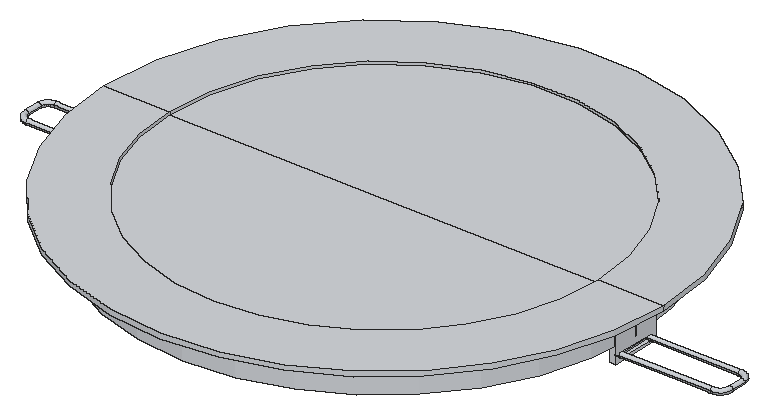
Revit family "0053944", category Lighting Fixtures, host Face, Revit 2017
Family settings
  Host = Face
  Round Connector Dimension = Use Diameter
  Part Type = Normal
  OmniClass Number = 23.80.70.00
  OmniClass Title = Lighting
  Cut with Voids When Loaded = No
  Light Source = Yes
  Shared = No
  Room Calculation Point = No
Parameters (values of type "0053944 ST E DOWNLIGHT FLT 205 IP44 2250 840 DIM")
  Weight = "4.57 kg"
  Wattage Comments = ""
  Wattage = 24 W
  WarrantyStartDate [instance] = "n/a"
  WarrantyGuarantorParts = "n/a"
  WarrantyDurationUnit = "n/a"
  WarrantyDurationParts = "n/a"
  WarrantyDescription = "n/a"
  built-in parameter 1150110 = 1 (stored number, unit not read)
  Voltage = 0 V
  URL = "http://www.sylvania-lighting.com"
  TypeName = "START eco Downlight Flat 205 IP44 2250lm 840 DIM"
  Type Image = <None>
  Type Comments = "n/a"
  built-in parameter 1114217 = 1 (stored number, unit not read)
  Tilt Angle = -90.00°
  built-in parameter 1150109 = 1 (stored number, unit not read)
  built-in parameter 1150134 = 12
  built-in parameter 1150113 = 1 (stored number, unit not read)
  SerialNumber [instance] = "n/a"
  SIZE_203_SYL = 1
  SIZE_155_SYL = 0
  R_DIFF_SYL = if(SIZE_155_SYL = 1, 63.5 mm, if(SIZE_203_SYL = 1, 86.5 mm, 40 mm))  # 86.5 mm
  R2_SYL = if(SIZE_155_SYL = 1, 77.5 mm, if(SIZE_203_SYL = 1, 101.5 mm, 52.5 mm))  # 101.5 mm
  R1_SYL = if(SIZE_155_SYL = 1, 86 mm, if(SIZE_203_SYL = 1, 113 mm, 60 mm))  # 113 mm
  Photometric Web File = "0053944.ies"
  LUM_HEIGHT_SYL = 15 mm - CHAMF_SYL  # 14 mm
  CLIP_SYL = 10 mm
  CLIP_HOLE_SYL = 2.5 mm
  CLIP_HOLE_HE_SYL = 8.5 mm
  CLIP_D_SYL = R2_SYL - 2.5 mm  # 99 mm
  CLIP_DIST_SYL = R2_SYL - 2.5 mm  # 99 mm
  CLIP_CUTOUT_SYL = 19 mm
  CHAMF_SYL = 1 mm
  Material_3_SYL = none
  PowerFactor = 0.9
  PowerConsumption = "24 W"
  NominalLength = 226 mm
  NominalHeight = 21 mm
  NominalDepth = 226 mm
  Name = "START eco Downlight Flat 205 IP44 2250lm 840 DIM"
  ModelReference = Name  # "START eco Downlight Flat 205 IP44 2250lm 840 DIM"
  ModelNumber = "0053944"
  Model = Name  # "START eco Downlight Flat 205 IP44 2250lm 840 DIM"
  Material = "n/a"
  ManufacturerName = "Feilo Sylvania"
  Manufacturer = "Feilo Sylvania"
  LuminousEfficacy = "94 lm/W"
  built-in parameter 1150105 = 179.53 (stored number, unit not read)
  Lumens = 2256 lm
  LuminaireType = ""
  built-in parameter 1150115 = 1 (stored number, unit not read)
  LightOutputRatio = "n/a"
  built-in parameter 1150137 = (empty or 0)
  built-in parameter 1150139 = (empty or 0)
  LampsType = Lamp  # "LED"
  LampNominalLuminous = "2250 lm"
  LampMacAdamStep = "5"
  LampColourTemperature = "4000 K"
  LampColourRenderingIndex = "80"
  built-in parameter 1150112 = 1 (stored number, unit not read)
  built-in parameter 1150114 = 1 (stored number, unit not read)
  Lamp = "LED"
  Keynote = "16500"
  InstallationDate [instance] = "n/a"
  InputVoltage = "n/a"
  InputNominalFrequency = "n/a"
  built-in parameter 1150132 = (empty or 0)
  built-in parameter 1150102 = (empty or 0)
  built-in parameter 1150107 = 4000 (stored number, unit not read)
  built-in parameter 1150138 = (empty or 0)
  IngressProtection = "IP44/20"
  ImpactProtectionIndex = "IK06"
  built-in parameter 1150106 = 1.7953 (stored number, unit not read)
  IfcExportType = "IfcLightFixtureType"
  IfcExportAs = "IfcLightFixtureType"
  Emit from Circle Diameter = 609.6 mm
  Emit Shape Visible in Rendering = no
  ElectricShockClassification = "Class II"
  built-in parameter 1150104 = 8.7329 (stored number, unit not read)
  DocumentationLiterature = "http://www.sylvania-lighting.com/product/en-int/products/0053944"
  DimmingControlOptions = "n/a"
  Material_2_SYL = none
  Dimming Lamp Color Temperature Shift = <None>
  Description = "START eco Downlight Flat IP44 DIM is an integrated LED recessed downlight with separated phase dimmable driver; 24W; 2250Lm; 94Lm/W; 4000K; IP44 rated from the front; 30,000hrs (L70B50)."
  Default Elevation = 1219.2 mm
  CreatedOn = "8/6/2020"
  CreatedBy = "@sylvania-lighting.com"
  Cost = 0
  Color Filter = 16777215
  built-in parameter 1114216 [instance] = (empty or 0)
  ClassificationValue = "EF_70_80"
  ClassificationName = "Uniclass2015"
  Material_1_SYL = none
  CHAMF_2_SYL = 1 mm
  BarCode [instance] = "n/a"
  built-in parameter 1114218 = 1 (stored number, unit not read)
  built-in parameter 1150133 = 10 (stored number, unit not read)
  AssetType = "Fixed"
  AssetIdentifier [instance] = "n/a"
  Assembly Code = "D5020200"
  Apparent Load = 24 VA
  Material_4_SYL = none
Types (17, lengths in mm): name | Weight | Wattage | TypeName | built-in parameter 1150134 | SIZE_203_SYL | SIZE_155_SYL | R_DIFF_SYL | R2_SYL | R1_SYL | Photometric Web File | CLIP_D_SYL | CLIP_DIST_SYL | PowerFactor | PowerConsumption | NominalLength | NominalHeight | NominalDepth | Name | ModelReference | ModelNumber | Model | Material | LuminousEfficacy | built-in parameter 1150105 | Lumens | LampNominalLuminous | LampMacAdamStep | LampColourTemperature | built-in parameter 1150107 | built-in parameter 1150106 | built-in parameter 1150104 | DocumentationLiterature | Description | Apparent Load
  0053988 SYLFLAT 105 IP44 550LM 830 DIM | "3.555 kg" | 7 W | "Sylflat 105 IP44 550lm 830 DIM" | (empty or 0) | 0 | 1 | 63.5 | 77.5 | 86 | "0053988.ies" | 75 | 75 | 0 | "7 W" | 0 | 0 | 0 | "Sylflat 105 IP44 550lm 830 DIM" | "Sylflat 105 IP44 550lm 830 DIM" | "53988" | "Sylflat 105 IP44 550lm 830 DIM" | "n/a" | "78.57 lm/W" | 43.768 (stored number, unit not read) | 550 lm | "550 lm" | "3" | "3000 K" | 3000 (stored number, unit not read) | 0.43768 (stored number, unit not read) | 7.2995 (stored number, unit not read) | "http://www.sylvania-lighting.com/product/en-int/products/0053988" | "Sylflat DIM is an integrated LED recessed downlight with separated phase dimmable driver; 7W; 550Lm; 79Lm/W; 3000K; IP44 rated from the front; 50,000hrs (L70B50)." | 7 VA
  0053957 SYLFLAT 205 IP44 2250LM 840 DIM | "4.57 kg" | 24 W | "Sylflat 205 IP44 2250lm 840 DIM" | 12 | 1 | 0 | 86.5 | 101.5 | 113 | "0053957.ies" | 99 | 99 | 0.9 | "24 W" | 226 | 21 | 226 | "Sylflat 205 IP44 2250lm 840 DIM" | "Sylflat 205 IP44 2250lm 840 DIM" | "53957" | "Sylflat 205 IP44 2250lm 840 DIM" | "n/a" | "103 lm/W" | 196.72 (stored number, unit not read) | 2472 lm | "2250 lm" | "3" | "4000 K" | 4000 (stored number, unit not read) | 1.9672 (stored number, unit not read) | 9.569 (stored number, unit not read) | "http://www.sylvania-lighting.com/product/en-int/products/0053957" | "Sylflat DIM is an integrated LED recessed downlight with separated phase dimmable driver; 24W; 2250Lm; 103Lm/W; 4000K; IP44 rated from the front; 50,000hrs (L70B50)." | 24 VA
  0053956 SYLFLAT 205 IP44 2200LM 830 DIM | "4.57 kg" | 24 W | "Sylflat 205 IP44 2200lm 830 DIM" | (empty or 0) | 1 | 0 | 86.5 | 101.5 | 113 | "0053956.ies" | 99 | 99 | 0.9 | "24 W" | 226 | 21 | 226 | "Sylflat 205 IP44 2200lm 830 DIM" | "Sylflat 205 IP44 2200lm 830 DIM" | "53956" | "Sylflat 205 IP44 2200lm 830 DIM" | "n/a" | "100 lm/W" | 190.99 (stored number, unit not read) | 2400 lm | "2200 lm" | "3" | "3000 K" | 3000 (stored number, unit not read) | 1.9099 (stored number, unit not read) | 9.2903 (stored number, unit not read) | "http://www.sylvania-lighting.com/product/en-int/products/0053956" | "Sylflat DIM is an integrated LED recessed downlight with separated phase dimmable driver; 24W; 2200Lm; 100Lm/W; 3000K; IP44 rated from the front; 50,000hrs (L70B50)." | 24 VA
  0053955 SYLFLAT 205 IP44 1750LM 840 DIM | "4.57 kg" | 17 W | "Sylflat 205 IP44 1750lm 840 DIM" | 12 | 1 | 0 | 86.5 | 101.5 | 113 | "0053955.ies" | 99 | 99 | 0.9 | "17 W" | 226 | 21 | 226 | "Sylflat 205 IP44 1750lm 840 DIM" | "Sylflat 205 IP44 1750lm 840 DIM" | "53955" | "Sylflat 205 IP44 1750lm 840 DIM" | "aluminium housing, other diffuser" | "103 lm/W" | 139.34 (stored number, unit not read) | 1751 lm | "1750 lm" | "3" | "4000 K" | 4000 (stored number, unit not read) | 1.3934 (stored number, unit not read) | 9.569 (stored number, unit not read) | "http://www.sylvania-lighting.com/product/en-int/products/0053955" | "Sylflat DIM is an integrated LED recessed downlight with separated phase dimmable driver; 17W; 1750Lm; 103Lm/W; 4000K; IP44 rated from the front; 50,000hrs (L70B50)." | 17 VA
  0053954 SYLFLAT 205 IP44 1550LM 830 DIM | "4.57 kg" | 17 W | "Sylflat 205 IP44 1550lm 830 DIM" | (empty or 0) | 1 | 0 | 86.5 | 101.5 | 113 | "0053954.ies" | 99 | 99 | 0.9 | "17 W" | 226 | 21 | 226 | "Sylflat 205 IP44 1550lm 830 DIM" | "Sylflat 205 IP44 1550lm 830 DIM" | "53954" | "Sylflat 205 IP44 1550lm 830 DIM" | "aluminium housing, other diffuser" | "91 lm/W" | 123.11 (stored number, unit not read) | 1547 lm | "1550 lm" | "3" | "3000 K" | 3000 (stored number, unit not read) | 1.2311 (stored number, unit not read) | 8.4542 (stored number, unit not read) | "http://www.sylvania-lighting.com/product/en-int/products/0053954" | "Sylflat DIM is an integrated LED recessed downlight with separated phase dimmable driver; 17W; 1550Lm; 91Lm/W; 3000K; IP44 rated from the front; 50,000hrs (L70B50)." | 17 VA
  0053953 SYLFLAT 155 IP44 1100LM 840 DIM | "3.27 kg" | 12 W | "Sylflat 155 IP44 1100lm 840 DIM" | 12 | 0 | 1 | 63.5 | 77.5 | 86 | "0053953.ies" | 75 | 75 | 0.9 | "12 W" | 172 | 21 | 172 | "Sylflat 155 IP44 1100lm 840 DIM" | "Sylflat 155 IP44 1100lm 840 DIM" | "53953" | "Sylflat 155 IP44 1100lm 840 DIM" | "aluminium housing, other diffuser" | "92 lm/W" | 87.854 (stored number, unit not read) | 1104 lm | "1100 lm" | "3" | "4000 K" | 4000 (stored number, unit not read) | 0.87854 (stored number, unit not read) | 8.5471 (stored number, unit not read) | "http://www.sylvania-lighting.com/product/en-int/products/0053953" | "Sylflat DIM is an integrated LED recessed downlight with separated phase dimmable driver; 12W; 1100Lm; 92Lm/W; 4000K; IP44 rated from the front; 50,000hrs (L70B50)." | 12 VA
  0053952 SYLFLAT 155 IP44 1000LM 830 DIM | "3.27 kg" | 12 W | "Sylflat 155 IP44 1000lm 830 DIM" | (empty or 0) | 0 | 1 | 63.5 | 77.5 | 86 | "0053952.ies" | 75 | 75 | 0.9 | "12 W" | 172 | 21 | 172 | "Sylflat 155 IP44 1000lm 830 DIM" | "Sylflat 155 IP44 1000lm 830 DIM" | "53952" | "Sylflat 155 IP44 1000lm 830 DIM" | "aluminium housing, other diffuser" | "83 lm/W" | 79.259 (stored number, unit not read) | 996 lm | "1000 lm" | "3" | "3000 K" | 3000 (stored number, unit not read) | 0.79259 (stored number, unit not read) | 7.711 (stored number, unit not read) | "http://www.sylvania-lighting.com/product/en-int/products/0053952" | "Sylflat DIM is an integrated LED recessed downlight with separated phase dimmable driver; 12W; 1000Lm; 83Lm/W; 3000K; IP44 rated from the front; 50,000hrs (L70B50)." | 12 VA
  0053951 ST E DOWNLIGHT FLT 205 IP44 2200 865 DIM | "4.57 kg" | 24 W | "START eco Downlight Flat 205 IP44 2200lm 865 DIM" | 1 | 1 | 0 | 86.5 | 101.5 | 113 | "0053951.ies" | 99 | 99 | 0.9 | "24 W" | 226 | 21 | 226 | "START eco Downlight Flat 205 IP44 2200lm 865 DIM" | "START eco Downlight Flat 205 IP44 2200lm 865 DIM" | "53951" | "START eco Downlight Flat 205 IP44 2200lm 865 DIM" | "n/a" | "92 lm/W" | 175.71 (stored number, unit not read) | 2208 lm | "2200 lm" | "5" | "6500 K" | 6500 (stored number, unit not read) | 1.7571 (stored number, unit not read) | 8.5471 (stored number, unit not read) | "http://www.sylvania-lighting.com/product/en-int/products/0053951" | "START eco Downlight Flat IP44 DIM is an integrated LED recessed downlight with separated phase dimmable driver; 24W; 2200Lm; 92Lm/W; 6500K; IP44 rated from the front; 30,000hrs (L70B50)." | 24 VA
  0053950 ST E DOWNLIGHT FLT 205 IP44 1700 865 DIM | "4.57 kg" | 17 W | "START eco Downlight Flat 205 IP44 1700lm 865 DIM" | 1 | 1 | 0 | 86.5 | 101.5 | 113 | "0053950.ies" | 99 | 99 | 0.9 | "17 W" | 226 | 21 | 226 | "START eco Downlight Flat 205 IP44 1700lm 865 DIM" | "START eco Downlight Flat 205 IP44 1700lm 865 DIM" | "53950" | "START eco Downlight Flat 205 IP44 1700lm 865 DIM" | "aluminium housing, other diffuser" | "100 lm/W" | 135.28 (stored number, unit not read) | 1700 lm | "1700 lm" | "5" | "6500 K" | 6500 (stored number, unit not read) | 1.3528 (stored number, unit not read) | 9.2903 (stored number, unit not read) | "http://www.sylvania-lighting.com/product/en-int/products/0053950" | "START eco Downlight Flat IP44 DIM is an integrated LED recessed downlight with separated phase dimmable driver; 17W; 1700Lm; 100Lm/W; 6500K; IP44 rated from the front; 30,000hrs (L70B50)." | 17 VA
  0053949 ST E DOWNLIGHT FLT 155 IP44 1100 865 DIM | "3.27 kg" | 12 W | "START eco Downlight Flat 155 IP44 1100lm 865 DIM" | 1 | 0 | 1 | 63.5 | 77.5 | 86 | "0053949.ies" | 75 | 75 | 0.9 | "12 W" | 172 | 21 | 172 | "START eco Downlight Flat 155 IP44 1100lm 865 DIM" | "START eco Downlight Flat 155 IP44 1100lm 865 DIM" | "53949" | "START eco Downlight Flat 155 IP44 1100lm 865 DIM" | "aluminium housing, other diffuser" | "92 lm/W" | 87.854 (stored number, unit not read) | 1104 lm | "1100 lm" | "5" | "6500 K" | 6500 (stored number, unit not read) | 0.87854 (stored number, unit not read) | 8.5471 (stored number, unit not read) | "http://www.sylvania-lighting.com/product/en-int/products/0053949" | "START eco Downlight Flat IP44 DIM is an integrated LED recessed downlight with separated phase dimmable driver; 12W; 1100Lm; 92Lm/W; 6500K; IP44 rated from the front; 30,000hrs (L70B50)." | 12 VA
  0053944 ST E DOWNLIGHT FLT 205 IP44 2250 840 DIM | "4.57 kg" | 24 W | "START eco Downlight Flat 205 IP44 2250lm 840 DIM" | 12 | 1 | 0 | 86.5 | 101.5 | 113 | "0053944.ies" | 99 | 99 | 0.9 | "24 W" | 226 | 21 | 226 | "START eco Downlight Flat 205 IP44 2250lm 840 DIM" | "START eco Downlight Flat 205 IP44 2250lm 840 DIM" | "0053944" | "START eco Downlight Flat 205 IP44 2250lm 840 DIM" | "n/a" | "94 lm/W" | 179.53 (stored number, unit not read) | 2256 lm | "2250 lm" | "5" | "4000 K" | 4000 (stored number, unit not read) | 1.7953 (stored number, unit not read) | 8.7329 (stored number, unit not read) | "http://www.sylvania-lighting.com/product/en-int/products/0053944" | "START eco Downlight Flat IP44 DIM is an integrated LED recessed downlight with separated phase dimmable driver; 24W; 2250Lm; 94Lm/W; 4000K; IP44 rated from the front; 30,000hrs (L70B50)." | 24 VA
  0053942 ST E DOWNLIGHT FLT 205 IP44 1750 840 DIM | "4.57 kg" | 17 W | "START eco Downlight Flat 205 IP44 1750lm 840 DIM" | 12 | 1 | 0 | 86.5 | 101.5 | 113 | "0053942.ies" | 99 | 99 | 0.9 | "17 W" | 226 | 21 | 226 | "START eco Downlight Flat 205 IP44 1750lm 840 DIM" | "START eco Downlight Flat 205 IP44 1750lm 840 DIM" | "53942" | "START eco Downlight Flat 205 IP44 1750lm 840 DIM" | "aluminium housing, other diffuser" | "103 lm/W" | 139.34 (stored number, unit not read) | 1751 lm | "1750 lm" | "5" | "4000 K" | 4000 (stored number, unit not read) | 1.3934 (stored number, unit not read) | 9.569 (stored number, unit not read) | "http://www.sylvania-lighting.com/product/en-int/products/0053942" | "START eco Downlight Flat IP44 DIM is an integrated LED recessed downlight with separated phase dimmable driver; 17W; 1750Lm; 103Lm/W; 4000K; IP44 rated from the front; 30,000hrs (L70B50)." | 17 VA
  0053941 ST E DOWNLIGHT FLT 155 IP44 1100 840 DIM | "3.27 kg" | 12 W | "START eco Downlight Flat 155 IP44 1100lm 840 DIM" | 12 | 0 | 1 | 63.5 | 77.5 | 86 | "0053941.ies" | 75 | 75 | 0.9 | "12 W" | 172 | 21 | 172 | "START eco Downlight Flat 155 IP44 1100lm 840 DIM" | "START eco Downlight Flat 155 IP44 1100lm 840 DIM" | "53941" | "START eco Downlight Flat 155 IP44 1100lm 840 DIM" | "aluminium housing, other diffuser" | "92 lm/W" | 87.854 (stored number, unit not read) | 1104 lm | "1100 lm" | "5" | "4000 K" | 4000 (stored number, unit not read) | 0.87854 (stored number, unit not read) | 8.5471 (stored number, unit not read) | "http://www.sylvania-lighting.com/product/en-int/products/0053941" | "START eco Downlight Flat IP44 DIM is an integrated LED recessed downlight with separated phase dimmable driver; 12W; 1100Lm; 92Lm/W; 4000K; IP44 rated from the front; 30,000hrs (L70B50)." | 12 VA
  0053940 ST E DOWNLIGHT FLT 205 IP44 2200 830 DIM | "4.57 kg" | 24 W | "START eco Downlight Flat 205 IP44 2200lm 830 DIM" | (empty or 0) | 1 | 0 | 86.5 | 101.5 | 113 | "0053940.ies" | 99 | 99 | 0.9 | "24 W" | 226 | 21 | 226 | "START eco Downlight Flat 205 IP44 2200lm 830 DIM" | "START eco Downlight Flat 205 IP44 2200lm 830 DIM" | "53940" | "START eco Downlight Flat 205 IP44 2200lm 830 DIM" | "n/a" | "92 lm/W" | 175.71 (stored number, unit not read) | 2208 lm | "2200 lm" | "5" | "3000 K" | 3000 (stored number, unit not read) | 1.7571 (stored number, unit not read) | 8.5471 (stored number, unit not read) | "http://www.sylvania-lighting.com/product/en-int/products/0053940" | "START eco Downlight Flat IP44 DIM is an integrated LED recessed downlight with separated phase dimmable driver; 24W; 2200Lm; 92Lm/W; 3000K; IP44 rated from the front; 30,000hrs (L70B50)." | 24 VA
  0053938 ST E DOWNLIGHT FLT 205 IP44 1550 830 DIM | "4.57 kg" | 17 W | "START eco Downlight Flat 205 IP44 1550lm 830 DIM" | (empty or 0) | 1 | 0 | 86.5 | 101.5 | 113 | "0053938.ies" | 99 | 99 | 0.9 | "17 W" | 226 | 21 | 226 | "START eco Downlight Flat 205 IP44 1550lm 830 DIM" | "START eco Downlight Flat 205 IP44 1550lm 830 DIM" | "53938" | "START eco Downlight Flat 205 IP44 1550lm 830 DIM" | "aluminium housing, other diffuser" | "91 lm/W" | 123.11 (stored number, unit not read) | 1547 lm | "1550 lm" | "5" | "3000 K" | 3000 (stored number, unit not read) | 1.2311 (stored number, unit not read) | 8.4542 (stored number, unit not read) | "http://www.sylvania-lighting.com/product/en-int/products/0053938" | "START eco Downlight Flat IP44 DIM is an integrated LED recessed downlight with separated phase dimmable driver; 17W; 1550Lm; 91Lm/W; 3000K; IP44 rated from the front; 30,000hrs (L70B50)." | 17 VA
  0053937 ST E DOWNLIGHT FLT 155 IP44 1000 830 DIM | "3.27 kg" | 12 W | "START eco Downlight Flat 155 IP44 1000lm 830 DIM" | (empty or 0) | 0 | 1 | 63.5 | 77.5 | 86 | "0053937.ies" | 75 | 75 | 0.9 | "12 W" | 172 | 21 | 172 | "START eco Downlight Flat 155 IP44 1000lm 830 DIM" | "START eco Downlight Flat 155 IP44 1000lm 830 DIM" | "53937" | "START eco Downlight Flat 155 IP44 1000lm 830 DIM" | "aluminium housing, other diffuser" | "83 lm/W" | 79.259 (stored number, unit not read) | 996 lm | "1000 lm" | "5" | "3000 K" | 3000 (stored number, unit not read) | 0.79259 (stored number, unit not read) | 7.711 (stored number, unit not read) | "http://www.sylvania-lighting.com/product/en-int/products/0053937" | "START eco Downlight Flat IP44 DIM is an integrated LED recessed downlight with separated phase dimmable driver; 12W; 1000Lm; 83Lm/W; 3000K; IP44 rated from the front; 30,000hrs (L70B50)." | 12 VA
  0053989 SYLFLAT 105 IP44 600LM 840 DIM | "3.555 kg" | 7 W | "Sylflat 105 IP44 600lm 840 DIM" | 12 | 0 | 1 | 63.5 | 77.5 | 86 | "0053989.ies" | 75 | 75 | 0 | "7 W" | 0 | 0 | 0 | "Sylflat 105 IP44 600lm 840 DIM" | "Sylflat 105 IP44 600lm 840 DIM" | "53989" | "Sylflat 105 IP44 600lm 840 DIM" | "n/a" | "85.71 lm/W" | 47.746 (stored number, unit not read) | 600 lm | "600 lm" | "3" | "4000 K" | 4000 (stored number, unit not read) | 0.47746 (stored number, unit not read) | 7.9631 (stored number, unit not read) | "http://www.sylvania-lighting.com/product/en-int/products/0053989" | "Sylflat DIM is an integrated LED recessed downlight with separated phase dimmable driver; 7W; 600Lm; 86Lm/W; 4000K; IP44 rated from the front; 50,000hrs (L70B50)." | 7 VA
Reference planes
  plane 1 "Center (Front/Back)": y = 0
  plane 2: z = 0
  plane 3 "Center (Left/Right)": x = 0
  plane 4: z = 1
  plane 5: z = -1
  plane 6: z = -14
  plane 7: x = 113
  plane 8: x = 86.5
  plane 9: x = 101.5
  plane 10: x = 0
  plane 11: x = -96
  plane 12: x = -101.5
  plane 13: y = 10
  plane 14: y = -10
  plane 15: x = 99
  plane 16: z = -19
  plane 17: z = -16.5
  plane 18: y = -8.5
  plane 19: y = 8.5
  plane 20: x = -99
Forms (mm)
  Revolve 1, solid
    sketch origin (0, 0, 0) x (1, 0, 0) y (0, 0, 1)
      loop
        line (0, 0) -> (0, -14) -> (101.5, -14) -> (101.5, -1) -> (113, -1) -> (113, 1) -> (86.5, 1) -> (86.5, 0) -> (0, 0)
      axis (0, 1) -> (0, -14)
    angle from 360 to 0
  Extrusion 2, solid
    sketch origin (0, 0, 0) x (1, 0, 0) y (0, 1, 0)
      loop
        line (99, 10) -> (99, -10) -> (101.5, -10) -> (101.5, 10) -> (99, 10)
      loop
        line (-99, 10) -> (-101.5, 10) -> (-101.5, -10) -> (-99, -10) -> (-99, 10)
    from -20 to -1
  Extrusion 3, void
    sketch origin (319, 1524, 1219.2) x (0, 1, 0) y (0, 0, 1)
      loop
        line (-1515.5, -1238.2) -> (-1515.5, -1235.7) -> (-1532.5, -1235.7) -> (-1532.5, -1238.2) -> (-1515.5, -1238.2)
    from -440.059 to 10
  Sweep 4, solid
    path origin (-31.995, -2.046, -2.165) x (1, 0, 0) y (0, 1, 0)
      loop
        arc (-106, 9.306) -> (-108.828, 8.135) -> (-110, 5.306) r 4
        line (-110, 5.306) -> (-110, -0.922)
        arc (-110, -0.922) -> (-108.828, -3.75) -> (-106, -4.922) r 4
        line (-106, -4.922) -> (-68, -4.922) -> (-68, 9.306) -> (-106, 9.306)
    profile origin (-118.995, 7.26, -2.165) x (0, 1, 0) y (0, 0, 1)
      loop
        circle (0, -15.572) r 0.967
  Sweep 5, solid
    path origin (31.995, -2.046, -2.165) x (-1, 0, 0) y (0, -1, 0)
      loop
        line (-106, -9.306) -> (-68, -9.306) -> (-68, 4.922) -> (-106, 4.922)
        arc (-106, 4.922) -> (-108.828, 3.75) -> (-110, 0.922) r 4
        line (-110, 0.922) -> (-110, -5.306)
        arc (-110, -5.306) -> (-108.828, -8.135) -> (-106, -9.306) r 4
    profile origin (118.995, 7.26, -2.165) x (0, -1, 0) y (0, 0, 1)
      loop
        circle (0, -15.572) r 0.967
Cuts and joins
  Extrusion 3 cuts Extrusion 2
Dimensions and locks
  "LUM_HEIGHT_SYL": host face to plane 6
  "CHAMF_2_SYL": host face to plane 5
  "CHAMF_SYL": plane 4 to host face
  "R_DIFF_SYL": plane 8 to plane 3 "Center (Left/Right)"
  "R2_SYL": plane 3 "Center (Left/Right)" to plane 9
  "R1_SYL": plane 7 to plane 3 "Center (Left/Right)"
  "CLIP_SYL": plane 14 to plane 1 "Center (Front/Back)" to plane 13
  "CLIP_D_SYL": plane 10 to plane 15
  "R2_SYL": plane 10 to plane 9
  "CLIP_CUTOUT_SYL": host face to plane 16
  "CLIP_HOLE_SYL": plane 17 to plane 16
  "CLIP_HOLE_HE_SYL": plane 19 to plane 1 "Center (Front/Back)" to plane 18
  "R2_SYL": plane 12 to plane 10
  "CLIP_D_SYL": plane 20 to plane 3 "Center (Left/Right)"
  aligned and locked: plane 2 to host face
  aligned and locked: level to host face
  aligned and locked: Revolve 1 sketch curve to plane 3 "Center (Left/Right)"
  aligned and locked: plane 13 to Extrusion 2 sketch curve
  aligned and locked: Extrusion 2 sketch curve to plane 15
  aligned and locked: Extrusion 2 sketch curve to plane 14
  aligned and locked: plane 9 to Extrusion 2 sketch curve
  aligned and locked: Extrusion 3 sketch curve to plane 16
  aligned and locked: plane 19 to Extrusion 3 sketch curve
  aligned and locked: Extrusion 3 sketch curve to plane 17
  aligned and locked: Extrusion 3 sketch curve to plane 18
  aligned and locked: Extrusion 2 sketch curve to plane 13
  aligned and locked: Extrusion 2 sketch curve to plane 20
  aligned and locked: plane 14 to Extrusion 2 sketch curve
  aligned and locked: plane 12 to Extrusion 2 sketch curve
Automatic sketch dimensions
  host sketch curve to host sketch curve = 2438.4 mm  (x2)
  Revolve 1 sketch curve to level = 0 mm
  Revolve 1 sketch curve to plane 3 "Center (Left/Right)" = 0 mm
  plane 8 to Revolve 1 sketch curve = 0 mm
  Revolve 1 sketch curve to plane 6 = 0 mm
  plane 9 to Revolve 1 sketch curve = 0 mm
  Revolve 1 sketch curve to plane 5 = 0 mm
  plane 7 to Revolve 1 sketch curve = 0 mm
  Revolve 1 sketch curve to plane 4 = 0 mm
  Revolve 1 sketch curve to plane 16 = 584.6 mm
  Revolve 1 sketch curve to plane 4 = 2608.058 mm
  plane 1 "Center (Front/Back)" to Sweep 4 sketch curve = 2.968 mm
  plane 12 to Sweep 4 sketch curve = 40.495 mm
  Sweep 4 sketch curve to plane 18 = 1.532 mm
  Sweep 4 sketch curve to Sweep 4 sketch curve = 4 mm
  plane 20 to Sweep 4 sketch curve = 0.995 mm
  Sweep 4 sketch curve to plane 1 "Center (Front/Back)" = 3.26 mm
  Sweep 4 sketch curve to profile plane = 0 mm
  Sweep 4 sketch curve to profile plane = 15.572 mm
  plane 1 "Center (Front/Back)" to Sweep 5 sketch curve = 2.968 mm
  Sweep 5 sketch curve to plane 7 = 28.995 mm
  Sweep 5 sketch curve to plane 18 = 1.532 mm
  Sweep 5 sketch curve to Sweep 5 sketch curve = 4 mm
  Sweep 5 sketch curve to plane 15 = 0.995 mm
  Sweep 5 sketch curve to plane 1 "Center (Front/Back)" = 3.26 mm
  Sweep 5 sketch curve to profile plane = 0 mm
  Sweep 5 sketch curve to profile plane = 15.572 mm
  radius of Sweep 4 sketch curve = 0.967 mm
  radius of Sweep 5 sketch curve = 0.967 mm
